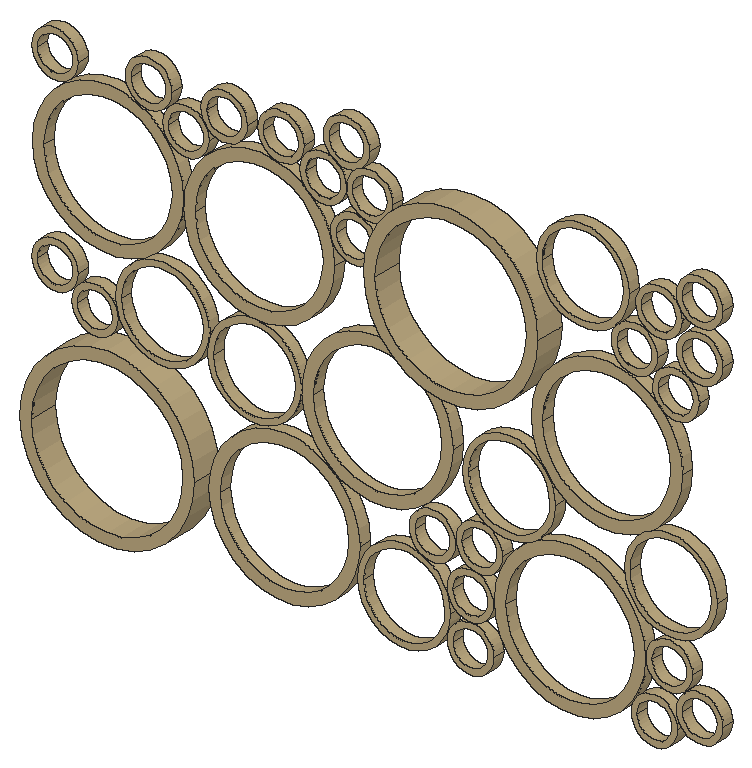
Revit family "RSC - pannello residenza", category Curtain Panels, Revit 2014
Parameters (values of type "rsc - pannello tipo760")
  rsc - pannello tipo760 = yes
  rsc - pannello tipo1780 = no
  rsc - pannello 620x750 = no
  rsc - pannello 620x1070 = no
  c_bamboo = Bamboo
  Pannello 900mm x 800mm = no
  Pannello 900mm x 1200mm = no
  Analytic Construction = "<None>"
Types (6, lengths in mm): name | rsc - pannello tipo760 | rsc - pannello tipo1780 | rsc - pannello 620x750 | rsc - pannello 620x1070 | c_bamboo | Pannello 900mm x 800mm | Pannello 900mm x 1200mm
  Pannello 900mm x 1200mm | yes | yes | yes | yes | none | yes | yes
  Pannello 900mm x 800mm | yes | yes | yes | yes | Bamboo | yes | no
  rsc - pannello tipo760 | yes | no | no | no | Bamboo | no | no
  rsc - pannello tipo1780 | yes | yes | yes | yes | Bamboo | no | no
  rsc - pannello tipo 620x1070 | no | no | yes | yes | Bamboo | no | no
  rsc - pannello tpo 620x750 | no | no | yes | no | Bamboo | no | no
Reference planes
  plane 1 "Center (Front/Back)": y = 0
  plane 2: z = 0
  plane 3 "Center (Left/Right)": x = 0
  plane 4 "Left": x = -593.471
  plane 5 "Right": x = 593.471
  plane 6 "Top": z = 1860
  plane 7: z = 760
  plane 8: x = 35.529
  plane 9: z = 755
  plane 10: z = 1075
Text (mm)
  text "Exterior" at (-2351.972, 1416.179, 0), in view "Ref. Level"
  text "Exterior" at (0, 2290.741, 4406.713), in view "Left"
  text "Exterior" at (0, 1328.187, 4120.349), in view "Right"
Dimensions and locks
  equal spacing: plane 4 "Left", plane 3 "Center (Left/Right)", plane 5 "Right"
  plane 4 "Left" to plane 5 "Right" = 1186.942 mm
  aligned and locked: level to plane 2
  aligned and locked: plane 2 to nested 3
  aligned and locked: plane 4 "Left" to nested 47
  aligned and locked: nested 9 to plane 4 "Left"
  aligned and locked: plane 4 "Left" to nested 57
  aligned and locked: plane 4 "Left" to nested 39
  aligned and locked: plane 4 "Left" to nested 19
  aligned and locked: plane 4 "Left" to nested 31
  aligned and locked: plane 4 "Left" to nested 36
  aligned and locked: plane 4 "Left" to nested 32
  aligned and locked: plane 4 "Left" to nested 70
  aligned and locked: plane 5 "Right" to nested 71
  aligned and locked: plane 5 "Right" to nested 72
  aligned and locked: plane 5 "Right" to nested 30
  aligned and locked: plane 5 "Right" to nested 68
  aligned and locked: plane 5 "Right" to nested 67  (x2)
  aligned and locked: plane 5 "Right" to nested 63
  aligned and locked: plane 5 "Right" to nested 11
  aligned and locked: plane 5 "Right" to nested 51
  aligned and locked: plane 5 "Right" to nested 37
  aligned and locked: plane 2 to nested 6
  aligned and locked: plane 2 to nested 44
  aligned and locked: plane 2 to nested 41
  aligned and locked: plane 2 to nested 2
Nested families
  nested 1: "RSC - FAMIGLIA TUBO14CM" at (159.721, 0, 81.14), visible <- "rsc - pannello tipo760", type "RSC - FAMIGLIA TUBO14CM"
    with c_diametro interno 240 mm, c_diametro esterno 140 mm
  nested 2: "RSC - FAMIGLIA TUBO44cm" at (-440, 0, 0), visible <- "rsc - pannello tipo760", type "RSC - Bamboo300"
    with c_diametro interno 240 mm, c_diametro esterno 440 mm
  nested 3: "RSC - FAMIGLIA TUBO28CM" at (-159.171, 0, 0), visible <- "rsc - pannello tipo760", type "RSC - Bamboo260"
    with c_diametro interno 240 mm, c_diametro esterno 280 mm
  nested 4: "RSC - FAMIGLIA TUBO22CM" at (226.234, 0, 201.02), visible <- "rsc - pannello tipo760", type "RSC - FAMIGLIA TUBO22CM"
    with c_diametro interno 240 mm, c_diametro esterno 220 mm
  nested 5: "RSC - FAMIGLIA TUBO22CM" at (45.971, 0, -28.86), visible <- "rsc - pannello tipo760", type "RSC - FAMIGLIA TUBO22CM"
    with c_diametro interno 240 mm, c_diametro esterno 220 mm
  nested 6: "RSC - FAMIGLIA TUBO14CM" at (475.971, 0, 0), visible <- "rsc - pannello tipo760", type "RSC - FAMIGLIA TUBO14CM"
    with c_diametro interno 240 mm, c_diametro esterno 140 mm
  nested 7: "RSC - FAMIGLIA TUBO22CM" at (-210.991, 0, 227.03), visible <- "rsc - pannello tipo760", type "RSC - FAMIGLIA TUBO22CM"
    with c_diametro interno 240 mm, c_diametro esterno 220 mm
  nested 8: "RSC - FAMIGLIA TUBO28CM" at (0.572, 0, 205.741), visible <- "rsc - pannello tipo760", type "RSC - Bamboo260"
    with c_diametro interno 240 mm, c_diametro esterno 280 mm
  nested 9: "RSC - FAMIGLIA TUBO28CM" at (-462.5, 0, 428.703), visible <- "rsc - pannello tipo760", type "RSC - Bamboo260"
    with c_diametro interno 240.971 mm, c_diametro esterno 280 mm
  nested 10: "RSC - FAMIGLIA TUBO14CM" at (-485, 0, 295), visible <- "rsc - pannello tipo760", type "RSC - FAMIGLIA TUBO14CM"
    with c_diametro interno 240 mm, c_diametro esterno 140 mm
  nested 11: "RSC - FAMIGLIA TUBO14CM" at (553.471, 0, 671.029), visible <- "rsc - pannello tipo760", type "RSC - FAMIGLIA TUBO14CM"
    with c_diametro interno 240 mm, c_diametro esterno 140.728 mm
  nested 12: "RSC - FAMIGLIA TUBO22CM" at (-214.161, 0, 730.392), visible <- "rsc - pannello 620x1070", type "RSC - FAMIGLIA TUBO22CM"
    with c_diametro interno 240 mm, c_diametro esterno 220 mm
  nested 13: "RSC - FAMIGLIA TUBO22CM" at (-369.029, 0, 258.918), visible <- "rsc - pannello tipo760", type "RSC - FAMIGLIA TUBO22CM"
    with c_diametro interno 240 mm, c_diametro esterno 220 mm
  nested 14: "RSC - FAMIGLIA TUBO22CM" at (-202.953, 0, 890.095), visible <- "rsc - pannello 620x1070", type "RSC - FAMIGLIA TUBO22CM"
    with c_diametro interno 240 mm, c_diametro esterno 220 mm
  nested 15: "RSC - FAMIGLIA TUBO44cm" at (149.721, 0, 426.129), visible <- "rsc - pannello tipo760", type "RSC - Bamboo300"
    with c_diametro interno 240 mm, c_diametro esterno 440 mm
  nested 16: "RSC - FAMIGLIA TUBO14CM" at (-99.161, 0, 760.095), visible <- "rsc - pannello 620x1070", type "RSC - FAMIGLIA TUBO14CM"
    with c_diametro interno 240 mm, c_diametro esterno 140 mm
  nested 17: "RSC - FAMIGLIA TUBO14CM" at (214.04, 0, 904.041), visible <- "rsc - pannello tipo1780", type "RSC - FAMIGLIA TUBO14CM"
    with c_diametro interno 240 mm, c_diametro esterno 140 mm
  nested 18: "RSC - FAMIGLIA TUBO28CM" at (394.058, 0, 304.635), visible <- "rsc - pannello tipo760", type "RSC - Bamboo260"
    with c_diametro interno 240 mm, c_diametro esterno 280 mm
  nested 19: "RSC - FAMIGLIA TUBO22CM" at (-513.471, 0, 1019.475), visible <- "rsc - pannello tipo1780", type "RSC - FAMIGLIA TUBO22CM"
    with c_diametro interno 240 mm, c_diametro esterno 220 mm
  nested 20: "RSC - FAMIGLIA TUBO14CM" at (-116.064, 0, 871.079), visible <- "rsc - pannello 620x1070", type "RSC - FAMIGLIA TUBO14CM"
    with c_diametro interno 240 mm, c_diametro esterno 140 mm
  nested 21: "RSC - FAMIGLIA TUBO14CM" at (-84.727, 0, 946.366), visible <- "rsc - pannello 620x1070", type "RSC - FAMIGLIA TUBO14CM"
    with c_diametro interno 240 mm, c_diametro esterno 140 mm
  nested 22: "RSC - FAMIGLIA TUBO14CM" at (-312.953, 0, 1012.27), visible <- "rsc - pannello 620x1070", type "RSC - FAMIGLIA TUBO14CM"
    with c_diametro interno 240 mm, c_diametro esterno 140 mm
  nested 23: "RSC - FAMIGLIA TUBO22CM" at (-42.227, 0, 988.866), visible <- "rsc - pannello tipo1780", type "RSC - FAMIGLIA TUBO22CM"
    with c_diametro interno 240 mm, c_diametro esterno 220 mm
  nested 24: "RSC - FAMIGLIA TUBO28CM" at (-322.953, 0, 1097.27), visible <- "rsc - pannello tipo1780", type "RSC - Bamboo260"
    with c_diametro interno 240 mm, c_diametro esterno 280 mm
  nested 25: "RSC - FAMIGLIA TUBO28CM" at (270.971, 0, 1195.387), visible <- "rsc - pannello tipo1780", type "RSC - Bamboo260"
    with c_diametro interno 240 mm, c_diametro esterno 280 mm
  nested 26: "RSC - FAMIGLIA TUBO22CM" at (119.04, 0, 976.541), visible <- "rsc - pannello tipo1780", type "RSC - FAMIGLIA TUBO22CM"
    with c_diametro interno 240 mm, c_diametro esterno 220 mm
  nested 27: "RSC - FAMIGLIA TUBO14CM" at (-125, 0, 1145.452), visible <- "rsc - pannello tipo1780", type "RSC - FAMIGLIA TUBO14CM"
    with c_diametro interno 240 mm, c_diametro esterno 140 mm
  nested 28: "RSC - FAMIGLIA TUBO14CM" at (-161.048, 0, 1072.319), visible <- "rsc - pannello tipo1780", type "RSC - FAMIGLIA TUBO14CM"
    with c_diametro interno 240 mm, c_diametro esterno 140 mm
  nested 29: "RSC - FAMIGLIA TUBO28CM" at (11.54, 0, 1174.041), visible <- "rsc - pannello tipo1780", type "RSC - Bamboo260"
    with c_diametro interno 240 mm, c_diametro esterno 280 mm
  nested 30: "RSC - FAMIGLIA TUBO28CM" at (463.471, 0, 1369.071), visible <- "rsc - pannello tipo1780", type "RSC - Bamboo260"
    with c_diametro interno 240 mm, c_diametro esterno 275.279 mm
  nested 31: "RSC - FAMIGLIA TUBO22CM" at (-513.471, 0, 1208.562), visible <- "rsc - pannello tipo1780", type "RSC - FAMIGLIA TUBO22CM"
    with c_diametro interno 240 mm, c_diametro esterno 220 mm
  nested 32: "RSC - FAMIGLIA TUBO22CM" at (-513.471, 0, 1578.391), visible <- "rsc - pannello tipo1780", type "RSC - FAMIGLIA TUBO22CM"
    with c_diametro interno 240 mm, c_diametro esterno 220 mm
  nested 33: "RSC - FAMIGLIA TUBO22CM" at (-177.365, 0, 1280.96), visible <- "rsc - pannello tipo1780", type "RSC - FAMIGLIA TUBO22CM"
    with c_diametro interno 240 mm, c_diametro esterno 220 mm
  nested 34: "RSC - FAMIGLIA TUBO14CM" at (483.471, 0, 1290.638), visible <- "rsc - pannello tipo1780", type "RSC - FAMIGLIA TUBO14CM"
    with c_diametro interno 240 mm, c_diametro esterno 140 mm
  nested 35: "RSC - FAMIGLIA TUBO14CM" at (431.872, 0, 1226.021), visible <- "rsc - pannello tipo1780", type "RSC - FAMIGLIA TUBO14CM"
    with c_diametro interno 240 mm, c_diametro esterno 140 mm
  nested 36: "RSC - FAMIGLIA TUBO14CM" at (-553.471, 0, 1393.156), visible <- "rsc - pannello tipo1780", type "RSC - FAMIGLIA TUBO14CM"
    with c_diametro interno 240 mm, c_diametro esterno 140 mm
  nested 37: "RSC - FAMIGLIA TUBO14CM" at (553.471, 0, 30.854), visible <- "rsc - pannello tipo760", type "RSC - FAMIGLIA TUBO14CM"
    with c_diametro interno 240 mm, c_diametro esterno 142.5 mm
  nested 38: "RSC - FAMIGLIA TUBO28CM" at (-202.953, 0, 416.625), visible <- "rsc - pannello tipo760", type "RSC - Bamboo260"
    with c_diametro interno 1115.361 mm, c_diametro esterno 280 mm
  nested 39: "RSC - FAMIGLIA TUBO44cm" at (-443.471, 0, 760), visible <- "rsc - pannello 620x1070", type "RSC - Bamboo300"
    with c_diametro interno 240 mm, c_diametro esterno 440 mm
  nested 40: "RSC - FAMIGLIA TUBO14CM" at (-165.587, 0, 673.649), visible <- "rsc - pannello tipo760", type "RSC - FAMIGLIA TUBO14CM"
    with c_diametro interno 240 mm, c_diametro esterno 140 mm
  nested 41: "RSC - FAMIGLIA TUBO14CM" at (160, 0, 0), visible <- "rsc - pannello tipo760", type "RSC - FAMIGLIA TUBO14CM"
    with c_diametro interno 240 mm, c_diametro esterno 140 mm
  nested 42: "RSC - FAMIGLIA TUBO14CM" at (501.344, 0, 93.008), visible <- "rsc - pannello tipo760", type "RSC - FAMIGLIA TUBO14CM"
    with c_diametro interno 240 mm, c_diametro esterno 140 mm
  nested 43: "RSC - FAMIGLIA TUBO14CM" at (94.721, 0, 151.05), visible <- "rsc - pannello tipo760", type "RSC - FAMIGLIA TUBO14CM"
    with c_diametro interno 240 mm, c_diametro esterno 140 mm
  nested 44: "RSC - FAMIGLIA TUBO28CM" at (330.971, 0, 0), visible <- "rsc - pannello tipo760", type "RSC - Bamboo260"
    with c_diametro interno 240 mm, c_diametro esterno 280 mm
  nested 45: "RSC - FAMIGLIA TUBO22CM" at (504.058, 0, 148.033), visible <- "rsc - pannello tipo760", type "RSC - FAMIGLIA TUBO22CM"
    with c_diametro interno 240 mm, c_diametro esterno 220 mm
  nested 46: "RSC - FAMIGLIA TUBO14CM" at (175.375, 0, 160.8), visible <- "rsc - pannello tipo760", type "RSC - FAMIGLIA TUBO14CM"
    with c_diametro interno 240 mm, c_diametro esterno 140 mm
  nested 47: "RSC - FAMIGLIA TUBO14CM" at (-553.471, 0, 339.894), visible <- "rsc - pannello tipo760", type "RSC - FAMIGLIA TUBO14CM"
    with c_diametro interno 240 mm, c_diametro esterno 140 mm
  nested 48: "RSC - FAMIGLIA TUBO22CM" at (353.042, 0, 571.897), visible <- "rsc - pannello tipo760", type "RSC - FAMIGLIA TUBO22CM"
    with c_diametro interno 240 mm, c_diametro esterno 220 mm
  nested 49: "RSC - FAMIGLIA TUBO14CM" at (441.631, 0, 560.48), visible <- "rsc - pannello tipo760", type "RSC - FAMIGLIA TUBO14CM"
    with c_diametro interno 240 mm, c_diametro esterno 140 mm
  nested 50: "RSC - FAMIGLIA TUBO14CM" at (512.593, 0, 514.518), visible <- "rsc - pannello tipo760", type "RSC - FAMIGLIA TUBO14CM"
    with c_diametro interno 240 mm, c_diametro esterno 140 mm
  nested 51: "RSC - FAMIGLIA TUBO14CM" at (553.471, 0, 584.359), visible <- "rsc - pannello tipo760", type "RSC - FAMIGLIA TUBO14CM"
    with c_diametro interno 240 mm, c_diametro esterno 140.728 mm
  nested 52: "RSC - FAMIGLIA TUBO14CM" at (483.461, 0, 631.859), visible <- "rsc - pannello tipo760", type "RSC - FAMIGLIA TUBO14CM"
    with c_diametro interno 240 mm, c_diametro esterno 140 mm
  nested 53: "RSC - FAMIGLIA TUBO14CM" at (-40.624, 0, 559.469), visible <- "rsc - pannello tipo760", type "RSC - FAMIGLIA TUBO14CM"
    with c_diametro interno 240 mm, c_diametro esterno 140 mm
  nested 54: "RSC - FAMIGLIA TUBO14CM" at (-13.094, 0, 635.671), visible <- "rsc - pannello tipo760", type "RSC - FAMIGLIA TUBO14CM"
    with c_diametro interno 240 mm, c_diametro esterno 140 mm
  nested 55: "RSC - FAMIGLIA TUBO14CM" at (-92.953, 0, 635.671), visible <- "rsc - pannello tipo760", type "RSC - FAMIGLIA TUBO14CM"
    with c_diametro interno 240 mm, c_diametro esterno 140 mm
  nested 56: "RSC - FAMIGLIA TUBO14CM" at (-328.596, 0, 624.369), visible <- "rsc - pannello tipo760", type "RSC - FAMIGLIA TUBO14CM"
    with c_diametro interno 240 mm, c_diametro esterno 140 mm
  nested 57: "RSC - FAMIGLIA TUBO14CM" at (-553.471, 0, 664.899), visible <- "rsc - pannello tipo760", type "RSC - FAMIGLIA TUBO14CM"
    with c_diametro interno 240 mm, c_diametro esterno 140 mm
  nested 58: "RSC - FAMIGLIA TUBO14CM" at (-392.952, 0, 675.208), visible <- "rsc - pannello tipo760", type "RSC - FAMIGLIA TUBO14CM"
    with c_diametro interno 240 mm, c_diametro esterno 140 mm
  nested 59: "RSC - FAMIGLIA TUBO14CM" at (-262.952, 0, 670.208), visible <- "rsc - pannello tipo760", type "RSC - FAMIGLIA TUBO14CM"
    with c_diametro interno 240 mm, c_diametro esterno 140 mm
  nested 60: "RSC - FAMIGLIA TUBO28CM" at (52.773, 0, 756.079), visible <- "rsc - pannello tipo1780", type "RSC - Bamboo260"
    with c_diametro interno 1115.361 mm, c_diametro esterno 280 mm
  nested 61: "RSC - FAMIGLIA TUBO22CM" at (255.209, 0, 721.318), visible <- "rsc - pannello tipo1780", type "RSC - FAMIGLIA TUBO22CM"
    with c_diametro interno 240 mm, c_diametro esterno 220 mm
  nested 62: "RSC - FAMIGLIA TUBO22CM" at (419.372, 0, 727.143), visible <- "rsc - pannello tipo1780", type "RSC - FAMIGLIA TUBO22CM"
    with c_diametro interno 240 mm, c_diametro esterno 220 mm
  nested 63: "RSC - FAMIGLIA TUBO22CM" at (513.471, 0, 859.325), visible <- "rsc - pannello tipo1780", type "RSC - FAMIGLIA TUBO22CM"
    with c_diametro interno 240 mm, c_diametro esterno 220 mm
  nested 64: "RSC - FAMIGLIA TUBO28CM" at (328.936, 0, 940.555), visible <- "rsc - pannello tipo1780", type "RSC - Bamboo260"
    with c_diametro interno 240 mm, c_diametro esterno 280 mm
  nested 65: "RSC - FAMIGLIA TUBO14CM" at (-52.953, 0, 703.702), visible <- "rsc - pannello tipo760", type "RSC - FAMIGLIA TUBO14CM"
    with c_diametro interno 240 mm, c_diametro esterno 140 mm
  nested 66: "RSC - FAMIGLIA TUBO14CM" at (-156.048, 0, 1219.852), visible <- "rsc - pannello tipo1780", type "RSC - FAMIGLIA TUBO14CM"
    with c_diametro interno 240 mm, c_diametro esterno 140 mm
  nested 67: "RSC - FAMIGLIA TUBO22CM" at (513.471, 0, 1065.365), visible <- "rsc - pannello tipo1780", type "RSC - FAMIGLIA TUBO22CM"
    with c_diametro interno 240 mm, c_diametro esterno 220 mm
  nested 68: "RSC - FAMIGLIA TUBO14CM" at (553.471, 0, 1249.215), visible <- "rsc - pannello tipo1780", type "RSC - FAMIGLIA TUBO14CM"
    with c_diametro interno 240 mm, c_diametro esterno 141.216 mm
  nested 69: "RSC - FAMIGLIA TUBO44cm" at (-376.816, 0, 1355.677), visible <- "rsc - pannello tipo1780", type "RSC - Bamboo300"
    with c_diametro interno 240 mm, c_diametro esterno 440 mm
  nested 70: "RSC - FAMIGLIA TUBO14CM" at (-553.471, 0, 1765.173), visible <- "rsc - pannello tipo1780", type "RSC - FAMIGLIA TUBO14CM"
    with c_diametro interno 240 mm, c_diametro esterno 140 mm
  nested 71: "RSC - FAMIGLIA TUBO22CM" at (513.471, 0, 1598.291), visible <- "rsc - pannello tipo1780", type "RSC - FAMIGLIA TUBO22CM"
    with c_diametro interno 240 mm, c_diametro esterno 220 mm
  nested 72: "RSC - FAMIGLIA TUBO14CM" at (553.471, 0, 1780.173), visible <- "rsc - pannello tipo1780", type "RSC - FAMIGLIA TUBO14CM"
    with c_diametro interno 240 mm, c_diametro esterno 145.492 mm
  nested 73: "RSC - FAMIGLIA TUBO44cm" at (204.373, 0, 1446.393), visible <- "rsc - pannello tipo1780", type "RSC - Bamboo300"
    with c_diametro interno 240 mm, c_diametro esterno 440 mm
  nested 74: "RSC - FAMIGLIA TUBO22CM" at (359.267, 0, 1660.91), visible <- "rsc - pannello tipo1780", type "RSC - FAMIGLIA TUBO22CM"
    with c_diametro interno 240 mm, c_diametro esterno 220 mm
  nested 75: "RSC - FAMIGLIA TUBO22CM" at (64.267, 0, 1670.91), visible <- "rsc - pannello tipo1780", type "RSC - FAMIGLIA TUBO22CM"
    with c_diametro interno 240 mm, c_diametro esterno 220 mm
  nested 76: "RSC - FAMIGLIA TUBO28CM" at (-75.576, 0, 1445.863), visible <- "rsc - pannello tipo1780", type "RSC - Bamboo260"
    with c_diametro interno 240 mm, c_diametro esterno 280 mm
  nested 77: "RSC - FAMIGLIA TUBO22CM" at (-246.592, 0, 1588.344), visible <- "rsc - pannello tipo1780", type "RSC - FAMIGLIA TUBO22CM"
    with c_diametro interno 240 mm, c_diametro esterno 220 mm
  nested 78: "RSC - FAMIGLIA TUBO22CM" at (-385.563, 0, 1670.522), visible <- "rsc - pannello tipo1780", type "RSC - FAMIGLIA TUBO22CM"
    with c_diametro interno 240 mm, c_diametro esterno 220 mm
  nested 79: "RSC - FAMIGLIA TUBO14CM" at (-268.063, 0, 1778.664), visible <- "rsc - pannello tipo1780", type "RSC - FAMIGLIA TUBO14CM"
    with c_diametro interno 240 mm, c_diametro esterno 140 mm
  nested 80: "RSC - FAMIGLIA TUBO14CM" at (-131.592, 0, 1695.259), visible <- "rsc - pannello tipo1780", type "RSC - FAMIGLIA TUBO14CM"
    with c_diametro interno 240 mm, c_diametro esterno 140 mm
  nested 81: "RSC - FAMIGLIA TUBO14CM" at (-53.233, 0, 1715.296), visible <- "rsc - pannello tipo1780", type "RSC - FAMIGLIA TUBO14CM"
    with c_diametro interno 240 mm, c_diametro esterno 140 mm
  nested 82: "RSC - FAMIGLIA TUBO14CM" at (-110, 0, 1777.756), visible <- "rsc - pannello tipo1780", type "RSC - FAMIGLIA TUBO14CM"
    with c_diametro interno 240 mm, c_diametro esterno 140 mm
  nested 83: "RSC - FAMIGLIA TUBO14CM" at (-189.404, 0, 1768.006), visible <- "rsc - pannello tipo1780", type "RSC - FAMIGLIA TUBO14CM"
    with c_diametro interno 240 mm, c_diametro esterno 140 mm
Definition of nested family "RSC - FAMIGLIA TUBO14CM"
  Parameters (values of type "RSC - FAMIGLIA TUBO14CM")
    c_spessore = 20 mm
    c_profondità = 50 mm
    c_diametro interno [instance] = 240 mm
    c_diametro esterno [instance] = 80 mm
    c_ceramica = rsc_ceramica
    c_bamboo = Bamboo
  Reference planes
    plane 1 "Center (Front/Back)": y = 0
    plane 2: z = 0
    plane 3 "Center (Left/Right)": x = 0
    plane 4: z = 40
    plane 5: x = 0
    plane 6: x = 40
    plane 7: x = -40
    plane 8: z = 0
  Forms (mm)
    Extrusion 1, solid, material "Bamboo" <- "c_bamboo"
      sketch origin (0, 0, 0) x (1, 0, 0) y (0, 0, 1)
        loop
          circle (0, 40) r 40
        loop
          circle (0, 40) r 30
      from 0 to 20 <- "c_spessore"
  Dimensions and locks
    "c_diametro esterno": plane 7 to plane 6
    aligned and locked: level to plane 2
    aligned and locked: Extrusion 1 sketch curve to plane 5  (x2)
    aligned and locked: plane 4 to Extrusion 1 sketch curve  (x2)
  Automatic sketch dimensions
    radius of Extrusion 1 sketch curve = 40 mm
    radius of Extrusion 1 sketch curve = 30 mm
Definition of nested family "RSC - FAMIGLIA TUBO44cm"
  Parameters (values of type "RSC - FAMIGLIA TUBO44cm")
    c_spessore = 50 mm
    c_diametro interno [instance] = 240 mm
    c_diametro esterno [instance] = 300 mm
    c_ceramica = rsc_ceramica
    c_bamboo = Bamboo
  Reference planes
    plane 1 "Center (Front/Back)": y = 0
    plane 2: z = 0
    plane 3 "Center (Left/Right)": x = 0
    plane 4: z = 150
    plane 5: x = 0
    plane 6: x = 150
    plane 7: x = 130
    plane 8: x = -130
    plane 9: x = -150
    plane 10: z = 300
    plane 11: z = 0
  Forms (mm)
    Extrusion 1, solid, material "Bamboo" <- "c_bamboo"
      sketch origin (0, 0, 0) x (1, 0, 0) y (0, 0, 1)
        loop
          circle (0, 150) r 150
        loop
          circle (0, 150) r 130
      from 0 to 50 <- "c_spessore"
  Dimensions and locks
    "c_diametro esterno": plane 9 to plane 6
    locked: plane 9 to plane 8 at 20
    plane 7 to plane 6 = 20 mm
    aligned and locked: level to plane 2
  Automatic sketch dimensions
    Extrusion 1 sketch curve to Extrusion 1 sketch curve = 0 mm  (x2)
    Extrusion 1 sketch curve to plane 3 "Center (Left/Right)" = 0 mm
    Extrusion 1 sketch curve to plane 4 = 0 mm
    radius of Extrusion 1 sketch curve = 150 mm
    radius of Extrusion 1 sketch curve = 130 mm
Definition of nested family "RSC - FAMIGLIA TUBO28CM"
  Parameters (values of type "RSC - FAMIGLIA TUBO28CM")
    c_spessore = 20 mm
    c_profondità = 50 mm
    c_diametro interno [instance] = 220 mm
    c_diametro esterno [instance] = 260 mm
    c_ceramica = rsc_ceramica
    c_bamboo = rsc_ceramica
  Reference planes
    plane 1 "Center (Front/Back)": y = 0
    plane 2: z = 0
    plane 3 "Center (Left/Right)": x = 0
    plane 4: x = 130
    plane 5: x = 0
    plane 6: x = 110
    plane 7: z = 130
    plane 8: z = 0
    plane 9: x = 0
    plane 10: x = -110
    plane 11: x = -130
  Forms (mm)
    Extrusion 1, solid, material "rsc_ceramica" <- "c_bamboo"
      sketch origin (0, 0, 0) x (1, 0, 0) y (0, 0, 1)
        loop
          circle (0, 130) r 130
        loop
          circle (0, 130) r 110
      from 0 to 20 <- "c_spessore"
  Dimensions and locks
    "c_spessore": plane 6 to plane 4
    "c_diametro esterno": plane 11 to plane 4
    "c_diametro interno": plane 6 to plane 10
    aligned and locked: level to plane 2
    aligned and locked: plane 5 to Extrusion 1 sketch curve  (x2)
    aligned and locked: plane 7 to Extrusion 1 sketch curve
  Automatic sketch dimensions
    Extrusion 1 sketch curve to Extrusion 1 sketch curve = 0 mm
    radius of Extrusion 1 sketch curve = 130 mm
    radius of Extrusion 1 sketch curve = 110 mm
Definition of nested family "RSC - FAMIGLIA TUBO22CM"
  Parameters (values of type "RSC - FAMIGLIA TUBO22CM")
    c_spessore = 20 mm
    c_profondità = 50 mm
    c_diametro interno [instance] = 240 mm
    c_diametro esterno [instance] = 220 mm
    c_ceramica = rsc_ceramica
    c_bamboo = Bamboo
  Reference planes
    plane 1 "Center (Front/Back)": y = 0
    plane 2: z = 0
    plane 3 "Center (Left/Right)": x = 0
    plane 4: z = 110
    plane 5: x = 0
    plane 6: x = 110
    plane 7: x = -110
  Forms (mm)
    Extrusion 1, solid, material "Bamboo" <- "c_bamboo"
      sketch origin (0, 0, 0) x (1, 0, 0) y (0, 0, 1)
        loop
          circle (0, 110) r 80
        loop
          circle (0, 110) r 70
      from 0 to 20 <- "c_spessore"
  Dimensions and locks
    "c_diametro esterno": plane 7 to plane 6
    aligned and locked: level to plane 2
    aligned and locked: Extrusion 1 sketch curve to plane 5  (x2)
    aligned and locked: plane 4 to Extrusion 1 sketch curve  (x2)
  Automatic sketch dimensions
    radius of Extrusion 1 sketch curve = 80 mm
    radius of Extrusion 1 sketch curve = 70 mm
